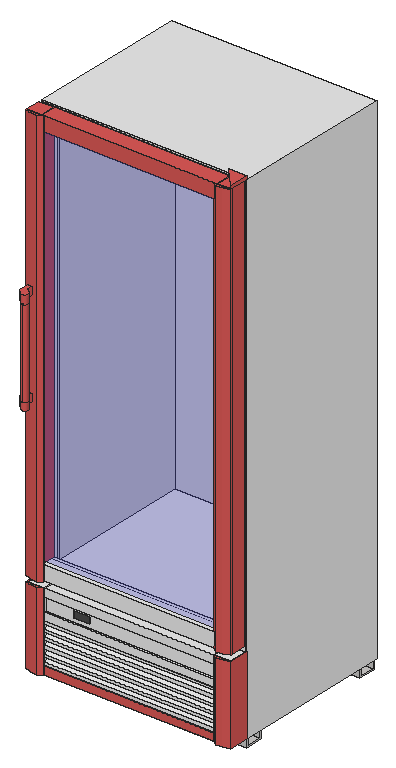
Revit family "QF_Turbo Air_TGM-12SD63a851b3-5669-439e-96d5-fb0c3f51ae83", category Specialty Equipment, Revit 2012
Parameters (values of type "White - Wine")
  Width = 2' - 1 3/4"  # constant formula
  Weight in Pounds = 257  # constant formula
  Watermarked By = "http://revitwatermark.com"
  Volts = 115 V
  URL Cutsheet = ""
  URL = "www.turboairinc.com"
  Status [instance] = ""
  Specification by User [instance] = ""
  Specification by Manufacturer [instance] = ""
  Serial Number [instance] = ""
  Revision Code [instance] = ""
  Phase = 1
  Number of Poles [instance] = 1
  NAFEM Spec ID Number [instance] = ""
  Model = "TGM-12SDV"
  Masterspec [instance] = ""
  Manufacturer = "Turbo Air"  # constant formula
  Lower Door Frame Material = QF_Finishes_White
  Lower Cowl Frame Material = QF_Finishes_Anodized - Red
  Legs [instance] = not(Casters)  # yes
  Item Number [instance] = "-"
  Installed By [instance] = ""
  HP = "1/4"
  Furnished By [instance] = ""
  Foodservice Equipment Identifier = yes
  FL Amps = 4.5 A
  Electrical Remarks [instance] = ""
  Electric Connection Type [instance] = ""
  Elec Conn RI Height [instance] = 0' - 0"
  Elec Conn Connection Height [instance] = if(Casters, 0' 11", 0' 6")  # 0' - 6"
  Door Material = QF_Finishes_Anodized - Red
  Description = "Refrigerator Merchandiser"
  Depth = 1' - 10 13/16"  # constant formula
  Cycle = 60 Hz
  Conn Plug = "NEMA 5-15P"
  CasterLeg Height [instance] = if(Casters, 0' 5", 0' 0 1/2")  # 0' - 0 1/2"
  CSI MasterFormat = "11 41 13"
  Body Material = QF_Finishes_White
  Assembly Code = "E1090320"
  Apparent Power = if(Phase = 3, Volts * FL Amps * 1.73, Volts * FL Amps)  # 517.5 VA
  Casters [instance] = no
Types (4): name | Model | Lower Door Frame Material | Lower Cowl Frame Material | Door Material | Body Material
  (no name) | "TGM-12SDV" | QF_Finishes_White | QF_Finishes_Anodized - Red | QF_Finishes_Anodized - Red | QF_Finishes_White
  Black | "TGM-12SDB" | QF_Finishes_Black | QF_Finishes_Black | QF_Finishes_Black | QF_Finishes_Black
  White | "TGM-12SDW" | QF_Finishes_White | QF_Finishes_White | QF_Finishes_White | QF_Finishes_White
  White - Wine | "TGM-12SDV" | QF_Finishes_White | QF_Finishes_Anodized - Red | QF_Finishes_Anodized - Red | QF_Finishes_White
Reference planes (in)
  plane 1: z = 0
  plane 2 "LEFT": x = -20.72594
  plane 3 "RIGHT": x = 5.02406
  plane 4 "FRONT": y = -29.375
  plane 5 "BACK": y = -4.3125
  plane 6 "Front of Door": y = -27.125
  plane 7 "TOP": z = 64.625
  plane 8 "Top of Lower Cowl": z = 11.375
  plane 9 "Front of Box": y = -24.75
  plane 10 "Bottom of Door": z = 12.125
  plane 11 "Bottom of Lower Cowl": z = 1.625
  plane 12 "Left of Vents": x = -18.53844
  plane 13 "Right of Vents": x = 2.83656
  plane 14 "Bottom": z = 0.5
Forms (in)
  Extrusion 1, solid, material "QF_Finishes_White" <- "Body Material"
    sketch origin (0, -4.3125, 0) x (1, 0, 0) y (0, 0, 1)
      loop
        line (-20.72594, 1.625) -> (5.02406, 1.625) -> (5.02406, 64.625) -> (-20.72594, 64.625) -> (-20.72594, 1.625)
      loop
        line (-20.60094, 64.5) -> (-20.60094, 1.75) -> (4.89906, 1.75) -> (4.89906, 64.5) -> (-20.60094, 64.5)
    from 0 to 20.4375
  Extrusion 2, solid, material "QF_Finishes_White" <- "Body Material"
    sketch origin (0, -4.3125, 0) x (1, 0, 0) y (0, 0, 1)
      loop
        line (-20.60094, 64.5) -> (-20.60094, 1.75) -> (4.89906, 1.75) -> (4.89906, 64.5) -> (-20.60094, 64.5)
    from 0 to 0.125
  Extrusion 3, solid, material "QF_Finishes_White" <- "Body Material"
    sketch origin (0, -24.75, 0) x (1, 0, 0) y (0, 0, 1)
      loop
        line (-18.72594, 62.625) -> (-18.72594, 13.375) -> (3.02406, 13.375) -> (3.02406, 62.625) -> (-18.72594, 62.625)
      loop
        line (-20.60094, 64.5) -> (-20.60094, 1.75) -> (4.89906, 1.75) -> (4.89906, 64.5) -> (-20.60094, 64.5)
      loop
        line (2.83656, 11.375) -> (-18.53844, 11.375) -> (-18.53844, 2.625) -> (2.83656, 2.625) -> (2.83656, 11.375)
    from 0 to -0.125
  Extrusion 4, solid, material "QF_Finishes_White"
    sketch origin (-20.72594, 0, 0) x (0, 1, 0) y (0, 0, 1)
      loop
        line (-24.625, 11.5) -> (-4.4375, 11.5) -> (-4.4375, 64.5) -> (-24.625, 64.5) -> (-24.625, 62.625) -> (-6.3125, 62.625) -> (-6.3125, 13.375) -> (-24.625, 13.375) -> (-24.625, 11.5)
    from 0.125 to 25.625
  Extrusion 5, solid, material "QF_Finishes_White"
    sketch origin (-20.72594, 0, 0) x (0, 1, 0) y (0, 0, 1)
      loop
        line (-24.625, 13.375) -> (-6.3125, 13.375) -> (-6.3125, 62.625) -> (-24.625, 62.625) -> (-24.625, 13.375)
    from 0.125 to 2
  Extrusion 6, solid, material "QF_Finishes_White"
    sketch origin (5.02406, 0, 0) x (0, 1, 0) y (0, 0, 1)
      loop
        line (-24.625, 13.375) -> (-6.3125, 13.375) -> (-6.3125, 62.625) -> (-24.625, 62.625) -> (-24.625, 13.375)
    from -0.125 to -2
  Extrusion 7, solid, material "QF_Finishes_Black"
    sketch origin (0, -24.75, 0) x (1, 0, 0) y (0, 0, 1)
      loop
        line (-19.41344, 63.3125) -> (-19.41344, 12.6875) -> (3.71156, 12.6875) -> (3.71156, 63.3125) -> (-19.41344, 63.3125)
      loop
        line (-19.53844, 63.4375) -> (-19.53844, 12.5625) -> (3.83656, 12.5625) -> (3.83656, 63.4375) -> (-19.53844, 63.4375)
    from 0 to 0.4375
  Extrusion 8, solid, material "QF_Finishes_White" <- "Body Material"
    sketch origin (0, -4.3125, 0) x (1, 0, 0) y (0, 0, 1)
      loop
        circle (-7.85094, 6) r 0.25
    from 0 to -0.0625
  Extrusion 9, solid, material "QF_Finishes_Anodized - Red" <- "Door Material"
    sketch origin (0, 0, 1.625) x (0, 1, 0) y (-1, 0, 0)
      loop
        line (-24.75, 20.72594) -> (-27.25, 20.72594)
        arc (-27.25, 20.72594) -> (-27.46771, 19.92526) -> (-27.5625, 19.10094) r 5.5
        line (-27.5625, 19.10094) -> (-27.1875, 18.53844) -> (-27.125, 18.53844) -> (-27.125, 20.60094) -> (-24.75, 20.60094) -> (-24.75, 20.72594)
    from 0 to 9.75
  Extrusion 10, solid, material "QF_Finishes_Anodized - Red" <- "Door Material"
    sketch origin (25.75, 0, 1.625) x (0, 1, 0) y (-1, 0, 0)
      loop
        line (-24.75, 20.72594) -> (-24.75, 20.85094) -> (-27.125, 20.85094) -> (-27.125, 22.91344) -> (-27.1875, 22.91344) -> (-27.5625, 22.35094)
        arc (-27.5625, 22.35094) -> (-27.46771, 21.52662) -> (-27.25, 20.72594) r 5.5
        line (-27.25, 20.72594) -> (-24.75, 20.72594)
    from 0 to 9.75
  Extrusion 11, solid, material "QF_Finishes_White" <- "Body Material"
    sketch origin (0, -24.75, 0) x (1, 0, 0) y (0, 0, 1)
      loop
        line (-18.53844, 11.375) -> (-18.53844, 10.375) -> (2.83656, 10.375) -> (2.83656, 11.375) -> (-18.53844, 11.375)
      loop
        line (-18.53844, 8.6875) -> (-18.53844, 7.6875) -> (2.83656, 7.6875) -> (2.83656, 8.6875) -> (-18.53844, 8.6875)
    from 0 to 2.375
  Extrusion 12, solid, material "QF_Finishes_White" <- "Body Material"
    sketch origin (0, -24.75, 0) x (1, 0, 0) y (0, 0, 1)
      loop
        line (-18.53844, 10.375) -> (-18.53844, 8.6875) -> (2.83656, 8.6875) -> (2.83656, 10.375) -> (-18.53844, 10.375)
      loop
        line (-14.97594, 9.125) -> (-13.03844, 9.125) -> (-13.03844, 9.9375) -> (-14.97594, 9.9375) -> (-14.97594, 9.125)
    from 0 to 2.125
  Extrusion 13, solid, material "QF_Finishes_Black"
    sketch origin (0, -24.75, 0) x (1, 0, 0) y (0, 0, 1)
      loop
        line (-14.97594, 9.9375) -> (-14.97594, 9.125) -> (-13.03844, 9.125) -> (-13.03844, 9.9375) -> (-14.97594, 9.9375)
    from 0 to 2.125
  Extrusion 14, solid, material "QF_Finishes_White" <- "Body Material"
    sketch origin (0, -24.75, 0) x (1, 0, 0) y (0, 0, 1)
      loop
        line (-20.60094, 11.375) -> (-20.60094, 1.625) -> (4.89906, 1.625) -> (4.89906, 11.375) -> (2.83656, 11.375) -> (2.83656, 2.625) -> (-18.53844, 2.625) -> (-18.53844, 11.375) -> (-20.60094, 11.375)
    from 0 to 2.375
  Extrusion 15, solid, material "QF_Finishes_Anodized - Red" <- "Lower Cowl Frame Material"
    sketch origin (0, -27.125, 0) x (1, 0, 0) y (0, 0, 1)
      loop
        line (-18.53844, 2.625) -> (-18.53844, 1.625) -> (2.83656, 1.625) -> (2.83656, 2.625) -> (-18.53844, 2.625)
    from 0 to 0.0625
  Extrusion 16, solid, material "QF_Finishes_White" <- "Body Material"
    sketch origin (-18.53844, 0, 0) x (0, 1, 0) y (0, 0, 1)
      loop
        line (-27.125, 2.6875) -> (-27, 2.6875) -> (-27, 3.01072) -> (-26.47411, 3.53661) -> (-26.5625, 3.625) -> (-27.125, 3.0625) -> (-27.125, 2.6875)
      loop
        line (-27.125, 3.625) -> (-27, 3.75) -> (-27, 3.94822) -> (-26.47411, 4.47411) -> (-26.5625, 4.5625) -> (-27.125, 4) -> (-27.125, 3.625)
      loop
        line (-27.125, 4.5625) -> (-27, 4.6875) -> (-27, 4.88572) -> (-26.47411, 5.41161) -> (-26.5625, 5.5) -> (-27.125, 4.9375) -> (-27.125, 4.5625)
      loop
        line (-27.125, 5.5) -> (-27, 5.625) -> (-27, 5.82322) -> (-26.47411, 6.34911) -> (-26.5625, 6.4375) -> (-27.125, 5.875) -> (-27.125, 5.5)
      loop
        line (-27.125, 6.4375) -> (-27, 6.5625) -> (-27, 6.76072) -> (-26.47411, 7.28661) -> (-26.47411, 7.625) -> (-27.125, 7.625) -> (-27.125, 7.375) -> (-26.5625, 7.375) -> (-27.125, 6.8125) -> (-27.125, 6.4375)
    from 0 to 21.375
  Extrusion 17, solid, material "QF_Finishes_Stainless Steel"
    sketch origin (-20.72594, 0, 0) x (0, 1, 0) y (0, 0, 1)
      loop
        line (-24.5625, 1.625) -> (-24.5625, 0.5) -> (-22.375, 0.5) -> (-22.375, 1.625) -> (-22.5, 1.625) -> (-22.5, 0.625) -> (-24.4375, 0.625) -> (-24.4375, 1.625) -> (-24.5625, 1.625)
      loop
        line (-6.6875, 1.625) -> (-6.6875, 0.5) -> (-4.5, 0.5) -> (-4.5, 1.625) -> (-4.625, 1.625) -> (-4.625, 0.625) -> (-6.5625, 0.625) -> (-6.5625, 1.625) -> (-6.6875, 1.625)
    from 0.125 to 25.625
  Extrusion 18, solid, material "QF_Finishes_Stainless Steel", visible <- "Legs"
    sketch origin (0, 0, 0) x (1, 0, 0) y (0, 1, 0)
      loop
        circle (-18.41344, -5.59375) r 0.5625
      loop
        circle (-18.41344, -23.46875) r 0.5625
    from 0 to 0.5
  Extrusion 19, solid, material "QF_Finishes_Stainless Steel", visible <- "Legs"
    sketch origin (23.4375, 0, 0) x (1, 0, 0) y (0, 1, 0)
      loop
        circle (-20.72594, -5.59375) r 0.5625
      loop
        circle (-20.72594, -23.46875) r 0.5625
    from 0 to 0.5
  Extrusion 20, solid, material "QF_Finishes_Anodized - Red" <- "Door Material"
    sketch origin (-0.11875, -0.0625, 55.375) x (0, 1, 0) y (-1, 0, 0)
      loop
        line (-24.5625, -2.83656) -> (-27.0625, -5.08656) -> (-24.5625, -5.08656) -> (-24.5625, -2.83656)
    from 9.25 to 9.625
Lines and regions (in)
  symbolic lines
    curve 1: line (-20.72594, -4.3125, 0) -> (5.02406, -4.3125, 0)
    curve 2: line (-20.72594, -24.75, 0) -> (-20.72594, -4.3125, 0)
    curve 3: line (5.02406, -24.75, 0) -> (-20.72594, -24.75, 0)
    curve 4: line (5.02406, -4.3125, 0) -> (5.02406, -24.75, 0)
    curve 5: line (-19.53844, -24.75, 0) -> (-19.53844, -25.1875, 0)
    curve 6: line (3.83656, -25.1875, 0) -> (3.83656, -24.75, 0)
  symbolic lines, style "QF_Clearances", detail levels coarse
    curve 7: line (5.02406, -52.875, 0) -> (5.02406, -27.125, 0)
    curve 8: arc (-20.72594, -27.125, 0) -> (-13.18394, -45.333, 0) -> (5.02406, -52.875, 0) r 25.75
Dimensions and locks (in)
  "Width": plane 3 "RIGHT" to plane 2 "LEFT"
  "Depth": plane 6 "Front of Door" to plane 5 "BACK"
  locked: plane 4 "FRONT" to plane 6 "Front of Door" at 2.25
  locked: plane 6 "Front of Door" to plane 9 "Front of Box" at 2.375
  locked: plane 7 "TOP" to Extrusion 1 sketch curve at 0.125
  locked: Extrusion 1 sketch curve to plane 2 "LEFT" at 0.125
  locked: Extrusion 1 sketch curve to plane 3 "RIGHT" at 0.125
  locked: Extrusion 3 sketch curve to plane 2 "LEFT" at 2
  locked: plane 7 "TOP" to Extrusion 3 sketch curve at 2
  locked: Extrusion 3 sketch curve to plane 3 "RIGHT" at 2
  locked: Extrusion 3 sketch curve to plane 8 "Top of Lower Cowl" at 2
  locked: plane 9 "Front of Box" to Extrusion 4 sketch curve at 0.125  (x2)
  locked: Extrusion 4 sketch curve to plane 5 "BACK" at 0.125
  locked: Extrusion 4 sketch curve to plane 7 "TOP" at 0.125
  locked: plane 8 "Top of Lower Cowl" to Extrusion 4 sketch curve at 0.125
  locked: Extrusion 4 sketch curve to Extrusion 4 sketch curve at 1.875  (x3)
  locked: plane 9 "Front of Box" to Extrusion 5 sketch curve at 0.125
  locked: plane 7 "TOP" to Extrusion 5 sketch curve at 2
  locked: Extrusion 5 sketch curve to plane 5 "BACK" at 2
  locked: plane 8 "Top of Lower Cowl" to Extrusion 5 sketch curve at 2
  locked: plane 7 "TOP" to Extrusion 6 sketch curve at 2
  locked: plane 8 "Top of Lower Cowl" to Extrusion 6 sketch curve at 2
  locked: Extrusion 6 sketch curve to plane 5 "BACK" at 2
  locked: plane 9 "Front of Box" to Extrusion 6 sketch curve at 0.125
  locked: Extrusion 7 sketch curve to Extrusion 7 sketch curve at 0.125  (x4)
  locked: Extrusion 7 sketch curve to plane 8 "Top of Lower Cowl" at 1.1875
  locked: Extrusion 7 sketch curve to plane 2 "LEFT" at 1.1875
  locked: plane 7 "TOP" to Extrusion 7 sketch curve at 1.1875
  locked: Extrusion 7 sketch curve to plane 3 "RIGHT" at 1.1875
  locked: plane 10 "Bottom of Door" to plane 8 "Top of Lower Cowl" at 0.75
  locked: plane 8 "Top of Lower Cowl" to plane 11 "Bottom of Lower Cowl" at 9.75
  locked: Extrusion 1 sketch curve to plane 11 "Bottom of Lower Cowl" at 0.125
  locked: plane 2 "LEFT" to plane 12 "Left of Vents" at 2.1875
  locked: plane 13 "Right of Vents" to plane 3 "RIGHT" at 2.1875
  locked: Extrusion 9 sketch curve to plane 6 "Front of Door" at 0.0625
  locked: Extrusion 9 sketch curve to plane 6 "Front of Door" at 0.125
  locked: Extrusion 9 sketch curve to plane 6 "Front of Door" at 0.4375
  locked: plane 2 "LEFT" to Extrusion 9 sketch curve at 1.625
  locked: Extrusion 10 sketch curve to plane 6 "Front of Door" at 0.125
  locked: Extrusion 10 sketch curve to plane 6 "Front of Door" at 0.0625
  locked: Extrusion 10 sketch curve to plane 6 "Front of Door" at 0.4375
  locked: Extrusion 10 sketch curve to plane 3 "RIGHT" at 1.625
  locked: plane 8 "Top of Lower Cowl" to Extrusion 11 sketch curve at 1
  locked: Extrusion 11 sketch curve to Extrusion 11 sketch curve at 1.6875
  locked: Extrusion 11 sketch curve to Extrusion 11 sketch curve at 1
  locked: plane 8 "Top of Lower Cowl" to Extrusion 12 sketch curve at 1
  locked: Extrusion 12 sketch curve to Extrusion 12 sketch curve at 1.6875
  locked: Extrusion 12 sketch curve to Extrusion 12 sketch curve at 0.4375
  locked: Extrusion 12 sketch curve to Extrusion 12 sketch curve at 0.8125
  locked: Extrusion 12 sketch curve to plane 12 "Left of Vents" at 3.5625
  locked: Extrusion 12 sketch curve to Extrusion 12 sketch curve at 1.9375
  locked: plane 8 "Top of Lower Cowl" to Extrusion 13 sketch curve at 1.4375
  locked: Extrusion 13 sketch curve to Extrusion 13 sketch curve at 0.8125
  locked: Extrusion 13 sketch curve to plane 12 "Left of Vents" at 3.5625
  locked: Extrusion 13 sketch curve to Extrusion 13 sketch curve at 1.9375
  locked: Extrusion 3 sketch curve to plane 11 "Bottom of Lower Cowl" at 0.125
  locked: Extrusion 3 sketch curve to plane 11 "Bottom of Lower Cowl" at 1
  locked: Extrusion 14 sketch curve to plane 11 "Bottom of Lower Cowl" at 1
  locked: Extrusion 15 sketch curve to plane 11 "Bottom of Lower Cowl" at 1
  locked: plane 2 "LEFT" to Extrusion 14 sketch curve at 0.125
  locked: plane 3 "RIGHT" to Extrusion 14 sketch curve at 0.125
  locked: plane 2 "LEFT" to Extrusion 9 sketch curve at 0.125
  locked: Extrusion 10 sketch curve to plane 3 "RIGHT" at 0.125
  locked: plane 11 "Bottom of Lower Cowl" to plane 14 "Bottom" at 1.125
  "CasterLeg Height": plane 14 "Bottom" to level
  locked: plane 7 "TOP" to plane 10 "Bottom of Door" at 52.5
  locked: Extrusion 17 sketch curve to Extrusion 17 sketch curve at 0.125  (x4)
  locked: plane 9 "Front of Box" to Extrusion 17 sketch curve at 0.1875
  locked: plane 14 "Bottom" to Extrusion 17 sketch curve at 0.125  (x2)
  locked: Extrusion 17 sketch curve to plane 5 "BACK" at 0.1875
  locked: Extrusion 17 sketch curve to Extrusion 17 sketch curve at 1.9375  (x2)
  locked: plane 2 "LEFT" to Extrusion 17 at 0.125
  locked: plane 3 "RIGHT" to Extrusion 17 at 0.125
  locked: Extrusion 18 sketch curve to plane 5 "BACK" at 1.28125
  locked: plane 2 "LEFT" to Extrusion 18 sketch curve at 2.3125  (x2)
  locked: plane 9 "Front of Box" to Extrusion 18 sketch curve at 1.28125
  locked: Extrusion 19 sketch curve to plane 5 "BACK" at 1.28125
  locked: Extrusion 19 sketch curve to plane 3 "RIGHT" at 2.3125  (x2)
  locked: plane 9 "Front of Box" to Extrusion 19 sketch curve at 1.28125
  locked: plane 2 "LEFT" to nested 2 at 2.3125
  locked: nested 2 to plane 5 "BACK" at 1.28125
  locked: nested 3 to plane 5 "BACK" at 1.28125
  locked: nested 3 to plane 3 "RIGHT" at 2.3125
  locked: plane 9 "Front of Box" to nested 4 at 1.28125
  locked: plane 2 "LEFT" to nested 4 at 2.3125
  locked: nested 5 to plane 3 "RIGHT" at 2.3125
  locked: plane 9 "Front of Box" to nested 5 at 1.28125
  equal spacing: plane 3 "RIGHT", Extrusion 8 sketch curve, plane 2 "LEFT"
  locked: Extrusion 8 sketch curve to plane 14 "Bottom" at 5.5
  locked: Extrusion 20 to plane 7 "TOP" at 0.375
  aligned and locked: level to plane 1
  aligned and locked: Extrusion 1 sketch curve to plane 3 "RIGHT"
  aligned and locked: plane 2 "LEFT" to Extrusion 1 sketch curve
  aligned and locked: Extrusion 1 sketch curve to plane 7 "TOP"
  aligned and locked: plane 9 "Front of Box" to Extrusion 1
  aligned and locked: Extrusion 2 sketch curve to Extrusion 1  (x3)
  aligned and locked: Extrusion 3 sketch curve to Extrusion 1  (x3)
  aligned and locked: Extrusion 4 to Extrusion 1  (x2)
  aligned and locked: Extrusion 5 to Extrusion 1
  aligned and locked: Extrusion 1 to Extrusion 6
  aligned and locked: plane 2 "LEFT" to nested 1
  aligned and locked: plane 3 "RIGHT" to nested 1
  aligned and locked: plane 5 "BACK" to curve 1
  aligned and locked: plane 2 "LEFT" to curve 2
  aligned and locked: curve 3 to plane 9 "Front of Box"
  aligned and locked: curve 4 to plane 3 "RIGHT"
  aligned and locked: curve 5 to Extrusion 7
  aligned and locked: curve 6 to Extrusion 7
  aligned and locked: nested 1 to plane 10 "Bottom of Door"
  aligned and locked: plane 11 "Bottom of Lower Cowl" to Extrusion 1 sketch curve
  aligned and locked: Extrusion 9 sketch curve to plane 2 "LEFT"
  aligned and locked: plane 6 "Front of Door" to Extrusion 9 sketch curve
  aligned and locked: Extrusion 9 sketch curve to plane 12 "Left of Vents"
  aligned and locked: Extrusion 10 sketch curve to plane 3 "RIGHT"
  aligned and locked: Extrusion 10 sketch curve to plane 6 "Front of Door"
  aligned and locked: Extrusion 10 sketch curve to plane 13 "Right of Vents"
  aligned and locked: plane 8 "Top of Lower Cowl" to Extrusion 9
  aligned and locked: plane 8 "Top of Lower Cowl" to Extrusion 10
  aligned and locked: plane 8 "Top of Lower Cowl" to Extrusion 11 sketch curve
  aligned and locked: Extrusion 11 sketch curve to plane 12 "Left of Vents"
  aligned and locked: plane 12 "Left of Vents" to Extrusion 11 sketch curve
  aligned and locked: Extrusion 11 sketch curve to plane 13 "Right of Vents"
  aligned and locked: plane 13 "Right of Vents" to Extrusion 11 sketch curve
  aligned and locked: plane 6 "Front of Door" to Extrusion 11
  aligned and locked: plane 12 "Left of Vents" to Extrusion 12 sketch curve
  aligned and locked: Extrusion 12 sketch curve to plane 13 "Right of Vents"
  aligned and locked: plane 8 "Top of Lower Cowl" to Extrusion 3 sketch curve
  aligned and locked: Extrusion 3 sketch curve to plane 12 "Left of Vents"
  aligned and locked: Extrusion 3 sketch curve to plane 13 "Right of Vents"
  aligned and locked: plane 8 "Top of Lower Cowl" to Extrusion 14 sketch curve  (x2)
  aligned and locked: Extrusion 14 sketch curve to plane 11 "Bottom of Lower Cowl"
  aligned and locked: Extrusion 14 sketch curve to plane 13 "Right of Vents"
  aligned and locked: plane 6 "Front of Door" to Extrusion 14
  aligned and locked: plane 11 "Bottom of Lower Cowl" to Extrusion 15 sketch curve
  aligned and locked: plane 12 "Left of Vents" to Extrusion 15 sketch curve
  aligned and locked: Extrusion 15 sketch curve to plane 13 "Right of Vents"
  aligned and locked: plane 13 "Right of Vents" to Extrusion 16
  aligned and locked: plane 9 "Front of Box" to Extrusion 9 sketch curve
  aligned and locked: plane 9 "Front of Box" to Extrusion 10 sketch curve
  aligned and locked: Extrusion 17 sketch curve to plane 11 "Bottom of Lower Cowl"  (x4)
  aligned and locked: Extrusion 17 sketch curve to plane 14 "Bottom"  (x2)
  aligned and locked: plane 14 "Bottom" to Extrusion 18
  aligned and locked: plane 14 "Bottom" to Extrusion 19
  aligned and locked: Extrusion 20 to plane 7 "TOP"
Automatic sketch dimensions
  curve 8 to plane 2 "LEFT" = 0' - 0"
  curve 7 to plane 3 "RIGHT" = 0' - 0"
  plane 6 "Front of Door" to curve 7 = 0' - 0"
  plane 6 "Front of Door" to curve 8 = 0' - 0"
  plane 9 "Front of Box" to curve 5 = 0' - 0 7/16"
  plane 9 "Front of Box" to curve 6 = 0' - 0 7/16"
  plane 11 "Bottom of Lower Cowl" to Extrusion 2 sketch curve = 0' - 0 1/8"
  Extrusion 9 sketch curve to plane 12 "Left of Vents" = 0' - 0.34816"
  plane 13 "Right of Vents" to Extrusion 10 sketch curve = 0' - 0.34816"
  Extrusion 14 sketch curve to plane 12 "Left of Vents" = 0' - 0"
  Extrusion 16 sketch curve to plane 6 "Front of Door" = 0' - 0"  (x6)
  Extrusion 16 sketch curve to plane 6 "Front of Door" = 0' - 0 1/8"  (x5)
  Extrusion 16 sketch curve to Extrusion 16 sketch curve = 0' - 0 7/16"  (x4)
  Extrusion 16 sketch curve to plane 6 "Front of Door" = 0' - 0 9/16"
  Extrusion 16 sketch curve to Extrusion 16 sketch curve = 0' - 0.08839"  (x5)
  plane 11 "Bottom of Lower Cowl" to Extrusion 16 sketch curve = 0' - 1 1/16"
  Extrusion 16 sketch curve to Extrusion 16 sketch curve = 0' - 0.32322"
  Extrusion 16 sketch curve to Extrusion 16 sketch curve = 0' - 0.05178"  (x5)
  Extrusion 16 sketch curve to Extrusion 16 sketch curve = 0' - 0"  (x2)
  Extrusion 16 sketch curve to Extrusion 16 sketch curve = 0' - 0 1/8"  (x4)
  Extrusion 16 sketch curve to Extrusion 16 sketch curve = 0' - 0.19822"  (x4)
  Extrusion 16 sketch curve to Extrusion 16 sketch curve = 0' - 0 9/16"  (x3)
  Extrusion 16 sketch curve to Extrusion 16 sketch curve = 0' - 0.52589"
  Extrusion 16 sketch curve to Extrusion 16 sketch curve = 0' - 0 1/4"
  plane 6 "Front of Door" to Extrusion 20 sketch curve = 0' - 0"
  Extrusion 20 sketch curve to plane 3 "RIGHT" = 0' - 0.05625"
  Extrusion 20 sketch curve to plane 9 "Front of Box" = 0' - 0 1/8"
  Extrusion 20 sketch curve to plane 13 "Right of Vents" = 0' - 0.11875"
  radius of Extrusion 8 sketch curve = 0' - 0 1/4"
  radius of Extrusion 18 sketch curve = 0' - 0 9/16"  (x2)
  radius of Extrusion 19 sketch curve = 0' - 0 9/16"  (x2)
Nested families (in)
  nested 1: "QF_Turbo Air_RI_Merch-Door" at (-5.54927, -25.1875, 12.125), Handle Material <- "Door Material", Door Frame Top Material <- "Door Material", Door Frame Sides Material <- "Door Material", Door Frame Bottom Material <- "Lower Door Frame Material", type "QF_Turbo Air_RI_Merch-Door"
    with Width 2' - 1 3/4", Symbolic Lines yes, Height 4' - 4 1/2", Handle Material QF_Finishes_Anodized - Red, Door Frame Top Material QF_Finishes_Anodized - Red, Door Frame Sides Material QF_Finishes_Anodized - Red, Door Frame Bottom Material QF_Finishes_White, Depth 0' - 1 15/16", CL Handle Height 2' - 2 7/16"
  nested 2: "FESCasterLeg" at (-18.41344, -5.59375, 0), Casters <- "Casters", type "FESCasterLeg"
    with Legs no, Height 0' - 5", Casters no, Caster Radius 0' - 2"
  nested 3: "FESCasterLeg" at (2.71156, -5.59375, 0), Casters <- "Casters", type "FESCasterLeg"
    with Legs no, Height 0' - 5", Casters no, Caster Radius 0' - 2"
  nested 4: "FESCasterLeg" at (-18.41344, -23.46875, 0), Casters <- "Casters", type "FESCasterLeg"
    with Legs no, Height 0' - 5", Casters no, Caster Radius 0' - 2"
  nested 5: "FESCasterLeg" at (2.71156, -23.46875, 0), Casters <- "Casters", type "FESCasterLeg"
    with Legs no, Height 0' - 5", Casters no, Caster Radius 0' - 2"
Connectors (in)
  electrical at (-7.85094, -4.25, 6), driven by "Number of Poles", driven by "Volts", driven by "Apparent Power"
    settings: on Extrusion 8, index 1, voltage 115 V, apparent load 517.5 VA, apparent load phase1 0 VA, apparent load phase2 0 VA, apparent load phase3 0 VA, power factor 1, load classification "Other", number of poles 1, system type 30, power factor state 1, is connector primary yes, connector utility no, sub classification motor no, connector description "Electric"
Definition of nested family "QF_Turbo Air_RI_Merch-Door"
  Parameters (values of type "QF_Turbo Air_RI_Merch-Door")
    Width [instance] = 2' - 1"
    Watermarked By = "http://revitwatermark.com"
    Symbolic Lines [instance] = yes
    Manufacturer = "Turbo Air"  # constant formula
    Height [instance] = 2' - 6 1/2"
    Handle Material [instance] = QF_Finishes_Stainless Steel
    Door Frame Top Material [instance] = QF_Finishes_Stainless Steel
    Door Frame Sides Material [instance] = QF_Finishes_Stainless Steel
    Door Frame Bottom Material [instance] = QF_Finishes_Stainless Steel
    Depth [instance] = 0' - 1 15/16"
    CL Handle Height [instance] = 1' - 3 3/16"
  Reference planes (in)
    plane 1 "BACK": y = 0
    plane 2: z = 0
    plane 3 "LEFT": x = -15.17667
    plane 4: x = 9.82333
    plane 5 "FRONT": y = -1.9375
    plane 6: z = 30.5
    plane 7 "Top of Handle": z = 21.6875
    plane 8 "Bottom of Handle": z = 8.6875
    plane 9 "Center of Handle": z = 15.1875
    plane 10: x = -13.36417
    plane 11: x = 8.01083
    plane 12: z = 28.6875
    plane 13: z = 1.8125
    plane 14: z = 20.6875
    plane 15: z = 9.6875
  Forms (in)
    Extrusion 1, solid, material "QF_Finishes_Stainless Steel" <- "Door Frame Sides Material"
      sketch origin (0, 0, 0) x (1, 0, 0) y (0, 0, 1)
        loop
          line (-15.17667, 30.5) -> (-15.17667, 0) -> (-13.36417, 0) -> (-13.36417, 30.5) -> (-15.17667, 30.5)
        loop
          line (9.82333, 0) -> (9.82333, 30.5) -> (8.01083, 30.5) -> (8.01083, 0) -> (9.82333, 0)
      from 0 to 1.9375
    Extrusion 2, solid, material "QF_Finishes_Glass"
      sketch origin (0, 0, 0) x (1, 0, 0) y (0, 0, 1)
        loop
          line (-13.36417, 28.6875) -> (-13.36417, 1.8125) -> (8.01083, 1.8125) -> (8.01083, 28.6875) -> (-13.36417, 28.6875)
      from 0.5 to 1.4375
    Extrusion 3, solid, material "QF_Finishes_Stainless Steel" <- "Handle Material"
      sketch origin (0, 0, 8.6875) x (0, 1, 0) y (-1, 0, 0)
        loop
          circle (-3.8125, 13.92667) r 0.375
      from 1 to 12
    Extrusion 4, solid, material "QF_Finishes_Stainless Steel" <- "Handle Material"
      sketch origin (0, 0, 8.6875) x (0, 1, 0) y (-1, 0, 0)
        loop
          line (-1.9375, 14.86417) -> (-3.25, 14.86417)
          arc (-3.25, 14.86417) -> (-3.39351, 14.83562) -> (-3.51517, 14.75433) r 0.375
          line (-3.51517, 14.75433) -> (-4.07767, 14.19183)
          arc (-4.07767, 14.19183) -> (-4.07767, 13.6615) -> (-3.54733, 13.6615) r 0.375
          line (-3.54733, 13.6615) -> (-2.90717, 14.30167) -> (-1.9375, 14.30167) -> (-1.9375, 14.86417)
      from 0 to 1
    Extrusion 5, solid, material "QF_Finishes_Stainless Steel" <- "Handle Material"
      sketch origin (0, 0, 21.6875) x (0, 1, 0) y (-1, 0, 0)
        loop
          line (-1.9375, 14.86417) -> (-3.25, 14.86417)
          arc (-3.25, 14.86417) -> (-3.39351, 14.83562) -> (-3.51517, 14.75433) r 0.375
          line (-3.51517, 14.75433) -> (-4.07767, 14.19183)
          arc (-4.07767, 14.19183) -> (-4.07767, 13.6615) -> (-3.54733, 13.6615) r 0.375
          line (-3.54733, 13.6615) -> (-2.90717, 14.30167) -> (-1.9375, 14.30167) -> (-1.9375, 14.86417)
      from 0 to -1
    Extrusion 6, solid, material "QF_Finishes_Stainless Steel" <- "Door Frame Top Material"
      sketch origin (0, 0, 0) x (1, 0, 0) y (0, 0, 1)
        loop
          line (-13.36417, 30.5) -> (-13.36417, 28.6875) -> (8.01083, 28.6875) -> (8.01083, 30.5) -> (-13.36417, 30.5)
      from 0 to 1.9375
    Extrusion 7, solid, material "QF_Finishes_Stainless Steel" <- "Door Frame Bottom Material"
      sketch origin (0, 0, 0) x (1, 0, 0) y (0, 0, 1)
        loop
          line (-13.36417, 1.8125) -> (-13.36417, 0) -> (8.01083, 0) -> (8.01083, 1.8125) -> (-13.36417, 1.8125)
      from 0 to 1.9375
    Extrusion 8, solid, material "QF_Finishes_Stainless Steel" <- "Door Frame Sides Material"
      sketch origin (0, 0, 0) x (1, 0, 0) y (0, 1, 0)
        loop
          line (-15.17667, -1.9375) -> (-15.17667, -2.0625)
          arc (-15.17667, -2.0625) -> (-14.37599, -2.28021) -> (-13.55167, -2.375) r 5.5
          line (-13.55167, -2.375) -> (-12.98917, -2) -> (-12.98917, -1.9375) -> (-15.17667, -1.9375)
      from 0 to 30.5
    Extrusion 9, solid, material "QF_Finishes_Stainless Steel" <- "Door Frame Sides Material"
      sketch origin (25, 0, 0) x (1, 0, 0) y (0, 1, 0)
        loop
          line (-15.17667, -1.9375) -> (-17.36417, -1.9375) -> (-17.36417, -2) -> (-16.80167, -2.375)
          arc (-16.80167, -2.375) -> (-15.97735, -2.28021) -> (-15.17667, -2.0625) r 5.5
          line (-15.17667, -2.0625) -> (-15.17667, -1.9375)
      from 0 to 30.5
  Lines and regions (in)
    symbolic lines, visible <- "Symbolic Lines"
      curve 1: line (-15.17667, 0, 8.6875) -> (9.82333, 0, 8.6875)
      curve 2: line (-15.17667, -1.9375, 8.6875) -> (-15.17667, 0, 8.6875)
      curve 3: line (9.82333, -1.9375, 8.6875) -> (-15.17667, -1.9375, 8.6875)
      curve 4: line (9.82333, 0, 8.6875) -> (9.82333, -1.9375, 8.6875)
      curve 11: line (-15.17667, -1.9375, 0) -> (-15.17667, -2.0625, 0)
      curve 12: arc (-15.17667, -2.0625, 0) -> (-14.37599, -2.28021, 0) -> (-13.55167, -2.375, 0) r 5.5
      curve 13: line (-13.55167, -2.375, 0) -> (-12.98917, -2, 0)
      curve 14: line (-12.98917, -2, 0) -> (-12.98917, -1.9375, 0)
      curve 15: line (7.63583, -1.9375, 0) -> (7.63583, -2, 0)
      curve 16: line (7.63583, -2, 0) -> (8.19833, -2.375, 0)
      curve 17: arc (8.19833, -2.375, 0) -> (9.02265, -2.28021, 0) -> (9.82333, -2.0625, 0) r 5.5
      curve 18: line (9.82333, -2.0625, 0) -> (9.82333, -1.9375, 0)
    symbolic lines
      curve 5: line (-14.86417, -2.163, 8.6875) -> (-14.86417, -3.25, 8.6875)
      curve 6: arc (-14.86417, -3.25, 8.6875) -> (-14.83562, -3.39351, 8.6875) -> (-14.75433, -3.51517, 8.6875) r 0.375
      curve 7: line (-14.75433, -3.51517, 8.6875) -> (-14.19183, -4.07767, 8.6875)
      curve 8: arc (-14.19183, -4.07767, 8.6875) -> (-13.6615, -4.07767, 8.6875) -> (-13.6615, -3.54733, 8.6875) r 0.375
      curve 9: line (-13.6615, -3.54733, 8.6875) -> (-14.30167, -2.90717, 8.6875)
      curve 10: line (-14.30167, -2.90717, 8.6875) -> (-14.30167, -2.29398, 8.6875)
  Dimensions and locks (in)
    "Width": plane 4 to plane 3 "LEFT"
    "Depth": plane 5 "FRONT" to plane 1 "BACK"
    "Height": plane 6 to plane 2
    locked: plane 7 "Top of Handle" to plane 8 "Bottom of Handle" at 13
    equal spacing: plane 7 "Top of Handle", plane 9 "Center of Handle", plane 8 "Bottom of Handle"
    locked: plane 13 to level at 1.8125
    locked: plane 6 to plane 12 at 1.8125
    locked: plane 3 "LEFT" to plane 10 at 1.8125
    locked: plane 11 to plane 4 at 1.8125
    locked: plane 1 "BACK" to Extrusion 2 at 0.5
    locked: Extrusion 2 to plane 5 "FRONT" at 0.5
    "CL Handle Height": plane 9 "Center of Handle" to level
    locked: plane 7 "Top of Handle" to plane 14 at 1
    locked: plane 15 to plane 8 "Bottom of Handle" at 1
    locked: plane 3 "LEFT" to Extrusion 3 sketch curve at 1.25
    locked: Extrusion 3 sketch curve to plane 5 "FRONT" at 1.875
    locked: Extrusion 4 sketch curve to Extrusion 4 sketch curve at 0.5625
    locked: plane 3 "LEFT" to Extrusion 4 sketch curve at 0.3125
    locked: Extrusion 4 sketch curve to plane 5 "FRONT" at 1.3125
    locked: Extrusion 4 sketch curve to plane 5 "FRONT" at 0.96967
    locked: Extrusion 4 sketch curve to plane 5 "FRONT" at 1.57767
    locked: plane 3 "LEFT" to Extrusion 4 sketch curve at 0.42233
    locked: Extrusion 5 sketch curve to Extrusion 5 sketch curve at 0.5625
    locked: plane 3 "LEFT" to Extrusion 8 sketch curve at 2.1875
    locked: Extrusion 8 sketch curve to plane 5 "FRONT" at 0.125
    locked: Extrusion 8 sketch curve to plane 5 "FRONT" at 0.0625
    locked: plane 3 "LEFT" to Extrusion 8 sketch curve at 1.625
    locked: Extrusion 8 sketch curve to plane 5 "FRONT" at 0.4375
    locked: Extrusion 9 sketch curve to plane 4 at 2.1875
    locked: Extrusion 9 sketch curve to plane 4 at 1.625
    locked: Extrusion 9 sketch curve to plane 5 "FRONT" at 0.0625
    locked: Extrusion 9 sketch curve to plane 5 "FRONT" at 0.4375
    locked: Extrusion 9 sketch curve to plane 5 "FRONT" at 0.125
    aligned and locked: level to plane 2
    aligned and locked: Extrusion 1 sketch curve to plane 6
    aligned and locked: plane 3 "LEFT" to Extrusion 1 sketch curve
    aligned and locked: level to Extrusion 1 sketch curve
    aligned and locked: Extrusion 1 sketch curve to plane 4
    aligned and locked: plane 5 "FRONT" to Extrusion 1
    aligned and locked: plane 10 to Extrusion 1 sketch curve
    aligned and locked: Extrusion 1 sketch curve to plane 11
    aligned and locked: Extrusion 2 sketch curve to plane 12
    aligned and locked: plane 10 to Extrusion 2 sketch curve
    aligned and locked: Extrusion 2 sketch curve to plane 11
    aligned and locked: plane 13 to Extrusion 2 sketch curve
    aligned and locked: plane 3 "LEFT" to curve 2
    aligned and locked: plane 1 "BACK" to curve 1
    aligned and locked: curve 4 to plane 4
    aligned and locked: curve 3 to plane 5 "FRONT"
    aligned and locked: Extrusion 3 to plane 15
    aligned and locked: plane 14 to Extrusion 3
    aligned and locked: Extrusion 4 sketch curve to Extrusion 3
    aligned and locked: plane 5 "FRONT" to Extrusion 4 sketch curve
    aligned and locked: plane 15 to Extrusion 4
    aligned and locked: Extrusion 5 to plane 14
    aligned and locked: Extrusion 5 to curve 5
    aligned and locked: curve 6 to Extrusion 5
    aligned and locked: curve 8 to Extrusion 5
    aligned and locked: curve 10 to Extrusion 5
    aligned and locked: Extrusion 6 sketch curve to plane 6
    aligned and locked: plane 12 to Extrusion 6 sketch curve
    aligned and locked: Extrusion 6 sketch curve to plane 11
    aligned and locked: plane 10 to Extrusion 6 sketch curve
    aligned and locked: plane 5 "FRONT" to Extrusion 6
    aligned and locked: Extrusion 7 sketch curve to plane 13
    aligned and locked: level to Extrusion 7 sketch curve
    aligned and locked: Extrusion 7 sketch curve to plane 11
    aligned and locked: plane 10 to Extrusion 7 sketch curve
    aligned and locked: plane 5 "FRONT" to Extrusion 7
    aligned and locked: plane 5 "FRONT" to Extrusion 8 sketch curve
    aligned and locked: Extrusion 8 sketch curve to plane 3 "LEFT"
    aligned and locked: plane 6 to Extrusion 8
    aligned and locked: Extrusion 9 sketch curve to plane 5 "FRONT"
    aligned and locked: Extrusion 9 sketch curve to plane 4
    aligned and locked: plane 6 to Extrusion 9
    aligned and locked: curve 11 to Extrusion 8
    aligned and locked: curve 12 to Extrusion 8
    aligned and locked: curve 13 to Extrusion 8
    aligned and locked: curve 14 to Extrusion 8
    aligned and locked: curve 15 to Extrusion 9
    aligned and locked: curve 16 to Extrusion 9
    aligned and locked: curve 17 to Extrusion 9
    aligned and locked: curve 18 to Extrusion 9
  Automatic sketch dimensions
    plane 10 to Extrusion 8 sketch curve = 0' - 0.02684"
    Extrusion 1 sketch curve to level = 0' - 0"
    Extrusion 1 sketch curve to plane 6 = 0' - 0"
    Extrusion 4 sketch curve to Extrusion 4 sketch curve = 0' - 0.26517"
    Extrusion 4 sketch curve to plane 10 = 0' - 0.29733"
    plane 5 "FRONT" to Extrusion 5 sketch curve = 0' - 0"
    plane 5 "FRONT" to Extrusion 5 sketch curve = 0' - 0.96967"
    plane 3 "LEFT" to Extrusion 5 sketch curve = 0' - 0 5/16"
    Extrusion 5 sketch curve to Extrusion 5 sketch curve = 0' - 0.34283"
    plane 3 "LEFT" to Extrusion 5 sketch curve = 0' - 0.42233"
    Extrusion 5 sketch curve to Extrusion 5 sketch curve = 0' - 0.26517"  (x4)
    Extrusion 5 sketch curve to plane 10 = 0' - 0.29733"
    Extrusion 5 sketch curve to Extrusion 5 sketch curve = 0' - 0.29733"
    Extrusion 9 sketch curve to plane 11 = 0' - 0.02684"
    plane 5 "FRONT" to curve 11 = 0' - 0"
    plane 5 "FRONT" to curve 14 = 0' - 0"
    plane 5 "FRONT" to curve 15 = 0' - 0"
    plane 5 "FRONT" to curve 18 = 0' - 0"
    curve 7 to plane 10 = 0' - 0.82767"
    curve 8 to plane 10 = 0' - 0.29733"
    plane 3 "LEFT" to curve 7 = 0' - 0.42233"
    curve 6 to curve 10 = 0' - 0.34283"
    plane 5 "FRONT" to curve 10 = 0' - 0.35648"
    plane 5 "FRONT" to curve 5 = 0' - 0.2255"
    radius of Extrusion 3 sketch curve = 0' - 0 3/8"
Definition of nested family "FESCasterLeg"
  Parameters (values of type "FESCasterLeg")
    Watermarked By = "http://revitwatermark.com"
    Type Comments = "⍁⍉⌁⌀⏭⎽⌇⍠⌜⍉⎖⌥⌦⌯⍭⏊⍻⍿⍊⏵⍊⏗⏠⍴⎡⌈⎀⍠⌓⌤⏘⎐⍀⌐⏬⏁⎈⏍⏦⎒⏬⌝⍩⍇⌣〈⎫〉⎁⏊⍥⍖⍥⍝⍦⌖⍀⏌⏭⎝⎼⏷⏞⍻⏯⎽⏷⏞⍻⏯⎽⏷⎺⌻⎝⍎⌧⏷⏟⏿⌿⍜⍦⍤⌁⍬⏶⏎⍊⏚⏉⎞⌡⎀⎪⏈⌟⌿⍾⍼⌟⌿⌢⌞⏜⏝⎽⍷⍷⍯⍧⍷⌯⍽⏸⏨⏾⏎⌣⏺⍹⏼⏅⎏⌽⎫⎪⍙⎓⏗⎗⏅⌴⍏⍏⍿⏑⎺⍘⌭⏲⍥⎛⎾⎾⍞⍌⎪⎲⌙⎥⏏⎟⎟⏼⏘⎏⎝⏧⏍⏁⍏⍧⏯⏾⌟"
    Legs [instance] = yes
    Height [instance] = 0' - 6"
    Caster Radius [instance] = if(Height < 0' 3", 0' 1", (Height / 2) - 0' 0 1/2")  # 0' - 2 1/2"
    Casters [instance] = yes
    Assembly Code = ""
  Reference planes (in)
    plane 1 "Center (Front/Back)": y = 0
    plane 2: z = 0
    plane 3 "Center (Left/Right)": x = 0
    plane 4: z = 6
    plane 5: z = 5.5
  Forms (in)
    Extrusion 1, solid, material "QF_Finishes_Stainless Steel", visible <- "Casters"
      sketch origin (-24.12131, -22.88887, 10.18833) x (0.707107, 0.707107, 0) y (0, 0, 1)
        loop
          line (34.98772, -7.68833) -> (34.98772, -4.93833) -> (34.48772, -4.93833) -> (34.39402, -4.68833) -> (32.39402, -4.68833) -> (32.39402, -5.43833) -> (33.98772, -7.34206) -> (33.98772, -7.68833)
          arc (33.98772, -7.68833) -> (34.48772, -8.18833) -> (34.98772, -7.68833) r 0.5
      from 0 to 1.75
    Extrusion 2, solid, material "QF_Finishes_Rubber Black", visible <- "Casters"
      sketch origin (-24.32327, -23.09083, 13.31461) x (0.707107, 0.707107, 0) y (0, 0, 1)
        loop
          circle (34.77334, -10.81461) r 2.5
      from 0.375 to 1.375
    Extrusion 3, solid, material "QF_Finishes_Stainless Steel", visible <- "Casters"
      sketch origin (-7.24148, -8.48391, 0) x (0.707107, 0.707107, 0) y (0, 0, 1)
        loop
          line (10.61603, 5.5) -> (11.61603, 5.5) -> (11.61603, 6) -> (10.61603, 6) -> (10.61603, 5.5)
      from 0 to -1.75
    Blend 4, solid, material "QF_Finishes_Stainless Steel", visible <- "Legs"
      base sketch origin (0, 0, 0) x (1, 0, 0) y (0, 1, 0)
        loop
          circle (0, 0) r 0.5
      top sketch origin (0, 0, 0) x (1, 0, 0) y (0, 1, 0)
        loop
          circle (0, 0) r 1
      from 0 to 6 <- "Height"
  Lines and regions (in)
    symbolic lines, style "QF_Hidden Details", visible <- "Casters", built-in parameter 1006206 <- "Casters"
      curve 1: line (-1.26158, -0.51911, 0) -> (1.39007, 2.13254, 0)
      curve 2: line (-0.53429, -1.24639, 0) -> (2.11736, 1.40526, 0)
    symbolic lines, style "QF_Hidden Details", built-in parameter 1006206 <- "Casters", visible <- "Casters"
      curve 3: line (-1.26158, -0.51911, 0) -> (1.39007, 2.13254, 0)
      curve 4: line (-0.53429, -1.24639, 0) -> (2.11736, 1.40526, 0)
  Dimensions and locks (in)
    locked: plane 4 to plane 5 at 0.5
    "Height": plane 4 to level
    "Caster Radius": Extrusion 2 sketch curve to level
    "Caster Radius": Extrusion 1 sketch curve to level
    "Caster Radius": radius of Extrusion 2 sketch curve
    aligned and locked: plane 2 to level
    aligned: Blend 4 to Extrusion 3
    aligned and locked: plane 4 to Blend 4
    aligned and locked: Extrusion 3 to plane 5
    aligned and locked: plane 4 to Extrusion 3
    aligned and locked: plane 5 to Extrusion 1
  Automatic sketch dimensions
    plane 1 "Center (Front/Back)" to curve 3 = 0' - 0.51911"
    curve 3 to plane 3 "Center (Left/Right)" = 0' - 1.26158"
    plane 1 "Center (Front/Back)" to curve 1 = 0' - 0.51911"
    curve 1 to curve 3 = 0' - 0"  (x3)
    curve 4 to plane 3 "Center (Left/Right)" = 0' - 0.53429"
    curve 2 to curve 4 = 0' - 0"  (x2)
    plane 3 "Center (Left/Right)" to curve 3 = 0' - 1.39007"
    curve 1 to curve 4 = 0' - 0.72729"
    curve 2 to curve 1 = 0' - 0.72729"
    curve 4 to curve 2 = 0' - 0"  (x2)
    curve 2 to plane 1 "Center (Front/Back)" = 0' - 1.40526"
    curve 2 to curve 3 = 0' - 0.72729"
    plane 5 to Extrusion 1 sketch curve = 0' - 0"
    Extrusion 1 sketch curve to Extrusion 1 sketch curve = 0' - 1.5937"
    Extrusion 1 sketch curve to Extrusion 1 sketch curve = 0' - 2"
    Extrusion 1 sketch curve to Extrusion 1 sketch curve = 0' - 0.0937"
    Extrusion 1 sketch curve to Extrusion 1 sketch curve = 0' - 0 1/2"
    Extrusion 1 sketch curve to Extrusion 1 sketch curve = 0' - 0.34627"
    Extrusion 1 sketch curve to plane 5 = 0' - 0 3/4"
    Extrusion 1 sketch curve to plane 5 = 0' - 0 1/4"
    Extrusion 3 sketch curve to plane 5 = 0' - 0"
    plane 4 to Extrusion 3 sketch curve = 0' - 0"
    Extrusion 3 sketch curve to Extrusion 3 sketch curve = 0' - 1"
    plane 1 "Center (Front/Back)" to Blend 4 sketch curve = 0' - 0"  (x2)
    Blend 4 sketch curve to plane 3 "Center (Left/Right)" = 0' - 0"  (x2)
    radius of Blend 4 sketch curve = 0' - 0 1/2"
    radius of Blend 4 sketch curve = 0' - 1"
